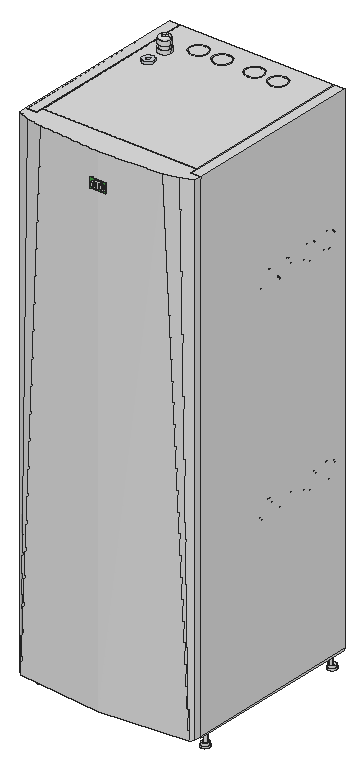
Revit family "HVAC_HeatPumpBW_Enertech_CTC-EcoPart-400_Basic", category Specialty Equipment, Revit 2020 (continued)
Lines and regions (mm)
  symbolic lines, detail levels fine
    curve 180: arc (0, 266.984, 1358.466) -> (0, 286.125, 1350.141) -> (0, 294.45, 1331) r 28.484
    curve 181: arc (0, 264.984, 1360.467) -> (0, 244.428, 1351.555) -> (0, 235.516, 1331) r 30.484
    curve 182: arc (0, 237.518, 1331) -> (0, 245.843, 1350.141) -> (0, 264.984, 1358.466) r 28.484
    curve 183: arc (0, 264.984, 1301.534) -> (0, 245.843, 1309.859) -> (0, 237.518, 1329) r 28.484
    curve 184: arc (0, 235.516, 1329) -> (0, 244.428, 1308.445) -> (0, 264.984, 1299.533) r 30.484
    curve 185: arc (0, 294.45, 1329) -> (0, 286.125, 1309.859) -> (0, 266.984, 1301.534) r 28.484
    curve 186: arc (0, 266.984, 1299.533) -> (0, 287.539, 1308.445) -> (0, 296.451, 1329) r 30.484
    curve 187: line (0, 237.518, 1329) -> (0, 235.516, 1329)
    curve 188: line (0, 235.516, 1331) -> (0, 237.518, 1331)
    curve 189: line (0, 266.984, 1301.534) -> (0, 266.984, 1299.533)
    curve 190: line (0, 264.984, 1299.533) -> (0, 264.984, 1301.534)
    curve 191: line (0, 296.451, 1329) -> (0, 294.45, 1329)
    curve 192: line (0, 294.45, 1331) -> (0, 296.451, 1331)
    curve 193: line (0, 266.984, 1360.467) -> (0, 266.984, 1358.466)
    curve 194: line (0, 264.984, 1358.466) -> (0, 264.984, 1360.467)
    curve 195: arc (0, 216.451, 1331) -> (0, 207.539, 1351.555) -> (0, 186.984, 1360.467) r 30.484
    curve 196: arc (0, 186.984, 1358.466) -> (0, 206.125, 1350.141) -> (0, 214.45, 1331) r 28.484
    curve 197: arc (0, 184.984, 1360.467) -> (0, 164.428, 1351.555) -> (0, 155.516, 1331) r 30.484
    curve 198: arc (0, 157.518, 1331) -> (0, 165.843, 1350.141) -> (0, 184.984, 1358.466) r 28.484
    curve 199: arc (0, 184.984, 1301.534) -> (0, 165.843, 1309.859) -> (0, 157.518, 1329) r 28.484
    curve 200: arc (0, 155.516, 1329) -> (0, 164.428, 1308.445) -> (0, 184.984, 1299.533) r 30.484
    curve 201: arc (0, 214.45, 1329) -> (0, 206.125, 1309.859) -> (0, 186.984, 1301.534) r 28.484
    curve 202: arc (0, 186.984, 1299.533) -> (0, 207.539, 1308.445) -> (0, 216.451, 1329) r 30.484
    curve 203: line (0, 157.518, 1329) -> (0, 155.516, 1329)
    curve 204: line (0, 155.516, 1331) -> (0, 157.518, 1331)
    curve 205: line (0, 186.984, 1301.534) -> (0, 186.984, 1299.533)
    curve 206: line (0, 184.984, 1299.533) -> (0, 184.984, 1301.534)
    curve 207: line (0, 216.451, 1329) -> (0, 214.45, 1329)
    curve 208: line (0, 214.45, 1331) -> (0, 216.451, 1331)
    curve 209: line (0, 186.984, 1360.467) -> (0, 186.984, 1358.466)
    curve 210: line (0, 184.984, 1358.466) -> (0, 184.984, 1360.467)
    curve 211: arc (0, 106.467, 1331) -> (0, 97.555, 1351.555) -> (0, 77, 1360.467) r 30.484
    curve 212: arc (0, 77, 1358.466) -> (0, 96.141, 1350.141) -> (0, 104.466, 1331) r 28.484
    curve 213: arc (0, 75, 1360.467) -> (0, 54.445, 1351.555) -> (0, 45.533, 1331) r 30.484
    curve 214: arc (0, 47.534, 1331) -> (0, 55.859, 1350.141) -> (0, 75, 1358.466) r 28.484
    curve 215: arc (0, 75, 1301.534) -> (0, 55.859, 1309.859) -> (0, 47.534, 1329) r 28.484
    curve 216: arc (0, 45.533, 1329) -> (0, 54.445, 1308.445) -> (0, 75, 1299.533) r 30.484
    curve 217: arc (0, 104.466, 1329) -> (0, 96.141, 1309.859) -> (0, 77, 1301.534) r 28.484
    curve 218: arc (0, 77, 1299.533) -> (0, 97.555, 1308.445) -> (0, 106.467, 1329) r 30.484
    curve 219: line (0, 47.534, 1329) -> (0, 45.533, 1329)
    curve 220: line (0, 45.533, 1331) -> (0, 47.534, 1331)
    curve 221: line (0, 77, 1301.534) -> (0, 77, 1299.533)
    curve 222: line (0, 75, 1299.533) -> (0, 75, 1301.534)
    curve 223: line (0, 106.467, 1329) -> (0, 104.466, 1329)
    curve 224: line (0, 104.466, 1331) -> (0, 106.467, 1331)
    curve 225: line (0, 77, 1360.467) -> (0, 77, 1358.466)
    curve 226: line (0, 75, 1358.466) -> (0, 75, 1360.467)
    curve 227: arc (0, 26.467, 1331) -> (0, 17.555, 1351.555) -> (0, -3, 1360.467) r 30.484
    curve 228: arc (0, -3, 1358.466) -> (0, 16.141, 1350.141) -> (0, 24.466, 1331) r 28.484
    curve 229: arc (0, -5, 1360.467) -> (0, -25.555, 1351.555) -> (0, -34.467, 1331) r 30.484
    curve 230: arc (0, -32.466, 1331) -> (0, -24.141, 1350.141) -> (0, -5, 1358.466) r 28.484
    curve 231: arc (0, -5, 1301.534) -> (0, -24.141, 1309.859) -> (0, -32.466, 1329) r 28.484
    curve 232: arc (0, -34.467, 1329) -> (0, -25.555, 1308.445) -> (0, -5, 1299.533) r 30.484
    curve 233: arc (0, 24.466, 1329) -> (0, 16.141, 1309.859) -> (0, -3, 1301.534) r 28.484
    curve 234: arc (0, -3, 1299.533) -> (0, 17.555, 1308.445) -> (0, 26.467, 1329) r 30.484
    curve 235: line (0, -32.466, 1329) -> (0, -34.467, 1329)
    curve 236: line (0, -34.467, 1331) -> (0, -32.466, 1331)
    curve 237: line (0, -3, 1301.534) -> (0, -3, 1299.533)
    curve 238: line (0, -5, 1299.533) -> (0, -5, 1301.534)
    curve 239: line (0, 26.467, 1329) -> (0, 24.466, 1329)
    curve 240: line (0, 24.466, 1331) -> (0, 26.467, 1331)
    curve 241: line (0, -3, 1360.467) -> (0, -3, 1358.466)
    curve 242: line (0, -5, 1358.466) -> (0, -5, 1360.467)
    curve 243: arc (0, 26.467, 631) -> (0, 17.555, 651.555) -> (0, -3, 660.467) r 30.484
    curve 244: arc (0, -3, 658.466) -> (0, 16.141, 650.141) -> (0, 24.466, 631) r 28.484
    curve 245: arc (0, -5, 660.467) -> (0, -25.555, 651.555) -> (0, -34.467, 631) r 30.484
    curve 246: arc (0, -32.466, 631) -> (0, -24.141, 650.141) -> (0, -5, 658.466) r 28.484
    curve 247: arc (0, -5, 601.534) -> (0, -24.141, 609.859) -> (0, -32.466, 629) r 28.484
    curve 248: arc (0, -34.467, 629) -> (0, -25.555, 608.445) -> (0, -5, 599.533) r 30.484
    curve 249: arc (0, 24.466, 629) -> (0, 16.141, 609.859) -> (0, -3, 601.534) r 28.484
    curve 250: arc (0, -3, 599.533) -> (0, 17.555, 608.445) -> (0, 26.467, 629) r 30.484
    curve 251: line (0, -32.466, 629) -> (0, -34.467, 629)
    curve 252: line (0, -34.467, 631) -> (0, -32.466, 631)
    curve 253: line (0, -3, 601.534) -> (0, -3, 599.533)
    curve 254: line (0, -5, 599.533) -> (0, -5, 601.534)
    curve 255: line (0, 26.467, 629) -> (0, 24.466, 629)
    curve 256: line (0, 24.466, 631) -> (0, 26.467, 631)
    curve 257: line (0, -3, 660.467) -> (0, -3, 658.466)
    curve 258: line (0, -5, 658.466) -> (0, -5, 660.467)
    curve 259: arc (0, 106.467, 631) -> (0, 97.555, 651.555) -> (0, 77, 660.467) r 30.484
    curve 260: arc (0, 77, 658.466) -> (0, 96.141, 650.141) -> (0, 104.466, 631) r 28.484
    curve 261: arc (0, 75, 660.467) -> (0, 54.445, 651.555) -> (0, 45.533, 631) r 30.484
    curve 262: arc (0, 47.534, 631) -> (0, 55.859, 650.141) -> (0, 75, 658.466) r 28.484
    curve 263: arc (0, 75, 601.534) -> (0, 55.859, 609.859) -> (0, 47.534, 629) r 28.484
    curve 264: arc (0, 45.533, 629) -> (0, 54.445, 608.445) -> (0, 75, 599.533) r 30.484
    curve 265: arc (0, 104.466, 629) -> (0, 96.141, 609.859) -> (0, 77, 601.534) r 28.484
    curve 266: arc (0, 77, 599.533) -> (0, 97.555, 608.445) -> (0, 106.467, 629) r 30.484
    curve 267: line (0, 47.534, 629) -> (0, 45.533, 629)
    curve 268: line (0, 45.533, 631) -> (0, 47.534, 631)
    curve 269: line (0, 77, 601.534) -> (0, 77, 599.533)
    curve 270: line (0, 75, 599.533) -> (0, 75, 601.534)
    curve 271: line (0, 106.467, 629) -> (0, 104.466, 629)
    curve 272: line (0, 104.466, 631) -> (0, 106.467, 631)
    curve 273: line (0, 77, 660.467) -> (0, 77, 658.466)
    curve 274: line (0, 75, 658.466) -> (0, 75, 660.467)
    curve 275: arc (0, 216.451, 631) -> (0, 207.539, 651.555) -> (0, 186.984, 660.467) r 30.484
    curve 276: arc (0, 186.984, 658.466) -> (0, 206.125, 650.141) -> (0, 214.45, 631) r 28.484
    curve 277: arc (0, 184.984, 660.467) -> (0, 164.428, 651.555) -> (0, 155.516, 631) r 30.484
    curve 278: arc (0, 157.518, 631) -> (0, 165.843, 650.141) -> (0, 184.984, 658.466) r 28.484
    curve 279: arc (0, 184.984, 601.534) -> (0, 165.843, 609.859) -> (0, 157.518, 629) r 28.484
    curve 280: arc (0, 155.516, 629) -> (0, 164.428, 608.445) -> (0, 184.984, 599.533) r 30.484
    curve 281: arc (0, 214.45, 629) -> (0, 206.125, 609.859) -> (0, 186.984, 601.534) r 28.484
    curve 282: arc (0, 186.984, 599.533) -> (0, 207.539, 608.445) -> (0, 216.451, 629) r 30.484
    curve 283: line (0, 157.518, 629) -> (0, 155.516, 629)
    curve 284: line (0, 155.516, 631) -> (0, 157.518, 631)
    curve 285: line (0, 186.984, 601.534) -> (0, 186.984, 599.533)
    curve 286: line (0, 184.984, 599.533) -> (0, 184.984, 601.534)
    curve 287: line (0, 216.451, 629) -> (0, 214.45, 629)
    curve 288: line (0, 214.45, 631) -> (0, 216.451, 631)
    curve 289: line (0, 186.984, 660.467) -> (0, 186.984, 658.466)
    curve 290: line (0, 184.984, 658.466) -> (0, 184.984, 660.467)
    curve 291: arc (0, 296.451, 631) -> (0, 287.539, 651.555) -> (0, 266.984, 660.467) r 30.484
    curve 292: arc (0, 266.984, 658.466) -> (0, 286.125, 650.141) -> (0, 294.45, 631) r 28.484
    curve 293: arc (0, 264.984, 660.467) -> (0, 244.428, 651.555) -> (0, 235.516, 631) r 30.484
    curve 294: arc (0, 237.518, 631) -> (0, 245.843, 650.141) -> (0, 264.984, 658.466) r 28.484
    curve 295: arc (0, 264.984, 601.534) -> (0, 245.843, 609.859) -> (0, 237.518, 629) r 28.484
    curve 296: arc (0, 235.516, 629) -> (0, 244.428, 608.445) -> (0, 264.984, 599.533) r 30.484
    curve 297: arc (0, 294.45, 629) -> (0, 286.125, 609.859) -> (0, 266.984, 601.534) r 28.484
    curve 298: arc (0, 266.984, 599.533) -> (0, 287.539, 608.445) -> (0, 296.451, 629) r 30.484
    curve 299: line (0, 237.518, 629) -> (0, 235.516, 629)
    curve 300: line (0, 235.516, 631) -> (0, 237.518, 631)
    curve 301: line (0, 266.984, 601.534) -> (0, 266.984, 599.533)
    curve 302: line (0, 264.984, 599.533) -> (0, 264.984, 601.534)
    curve 303: line (0, 296.451, 629) -> (0, 294.45, 629)
    curve 304: line (0, 294.45, 631) -> (0, 296.451, 631)
    curve 305: line (0, 266.984, 660.467) -> (0, 266.984, 658.466)
    curve 306: line (0, 264.984, 658.466) -> (0, 264.984, 660.467)
    curve 307: line (0, 316.77, 4) -> (0, 292.02, 4)
    curve 308: line (0, 309.395, 12) -> (0, 299.395, 12)
    curve 309: line (0, 332.5, 52.518) -> (0, -269.014, 52.518)
    curve 310: line (0, -269.014, 47.518) -> (0, 332.5, 47.518)
    curve 311: line (0, 309.395, 28) -> (0, 309.395, 47.518)
    curve 312: line (0, 299.395, 28) -> (0, 299.395, 47.518)
    curve 313: line (0, -233.639, 28) -> (0, -233.639, 47.518)
    curve 314: line (0, -223.605, 28) -> (0, -223.605, 47.518)
    curve 315: line (0, -116.757, 26.828) -> (0, -125.344, 18.242)
    curve 316: arc (0, -125.344, 18.242) -> (0, -126.758, 17.656) -> (0, -128.172, 18.242) r 2
    curve 317: arc (0, -113.929, 28) -> (0, -115.46, 27.696) -> (0, -116.757, 26.828) r 4
    curve 318: line (0, -128.172, 18.242) -> (0, -136.339, 26.409)
    curve 319: line (0, -137.753, 24.995) -> (0, -129.586, 16.828)
    curve 320: arc (0, -129.586, 16.828) -> (0, -126.758, 15.656) -> (0, -123.929, 16.828) r 4
    curve 321: line (0, -123.929, 16.828) -> (0, -115.343, 25.414)
    curve 322: line (0, -136.339, 26.409) -> (0, -137.753, 24.995)
    curve 323: arc (0, -115.343, 25.414) -> (0, -114.694, 25.848) -> (0, -113.929, 26) r 2
    curve 324: line (0, -113.929, 26) -> (0, -95.586, 26)
    curve 325: arc (0, -92.757, 26.828) -> (0, -94.055, 27.696) -> (0, -95.586, 28) r 4
    curve 326: arc (0, -95.586, 26) -> (0, -94.82, 25.848) -> (0, -94.171, 25.414) r 2
    curve 327: line (0, -84.171, 18.242) -> (0, -92.757, 26.828)
    curve 328: line (0, -94.171, 25.414) -> (0, -85.585, 16.828)
    curve 329: arc (0, -85.585, 16.828) -> (0, -82.756, 15.656) -> (0, -79.928, 16.828) r 4
    curve 330: arc (0, -81.342, 18.242) -> (0, -82.756, 17.656) -> (0, -84.171, 18.242) r 2
    curve 331: line (0, -73.175, 26.409) -> (0, -81.342, 18.242)
    curve 332: line (0, -79.928, 16.828) -> (0, -71.761, 24.995)
    curve 333: line (0, -71.761, 24.995) -> (0, -73.175, 26.409)
    curve 334: line (0, 159.743, 26.828) -> (0, 151.156, 18.242)
    curve 335: arc (0, 151.156, 18.242) -> (0, 149.742, 17.656) -> (0, 148.328, 18.242) r 2
    curve 336: arc (0, 162.571, 28) -> (0, 161.04, 27.696) -> (0, 159.743, 26.828) r 4
    curve 337: line (0, 148.328, 18.242) -> (0, 140.161, 26.409)
    curve 338: line (0, 138.747, 24.995) -> (0, 146.914, 16.828)
    curve 339: arc (0, 146.914, 16.828) -> (0, 149.742, 15.656) -> (0, 152.571, 16.828) r 4
    curve 340: line (0, 152.571, 16.828) -> (0, 161.157, 25.414)
    curve 341: line (0, 140.161, 26.409) -> (0, 138.747, 24.995)
    curve 342: arc (0, 161.157, 25.414) -> (0, 161.806, 25.848) -> (0, 162.571, 26) r 2
    curve 343: line (0, 162.571, 26) -> (0, 180.914, 26)
    curve 344: arc (0, 183.743, 26.828) -> (0, 182.445, 27.696) -> (0, 180.914, 28) r 4
    curve 345: arc (0, 180.914, 26) -> (0, 181.68, 25.848) -> (0, 182.329, 25.414) r 2
    curve 346: line (0, 192.329, 18.242) -> (0, 183.743, 26.828)
    curve 347: line (0, 182.329, 25.414) -> (0, 190.915, 16.828)
    curve 348: arc (0, 190.915, 16.828) -> (0, 193.744, 15.656) -> (0, 196.572, 16.828) r 4
    curve 349: arc (0, 195.158, 18.242) -> (0, 193.744, 17.656) -> (0, 192.329, 18.242) r 2
    curve 350: line (0, 203.325, 26.409) -> (0, 195.158, 18.242)
    curve 351: line (0, 196.572, 16.828) -> (0, 204.739, 24.995)
    curve 352: line (0, 204.739, 24.995) -> (0, 203.325, 26.409)
    curve 353: line (0, -273.014, 52.518) -> (0, -273.014, 1760)
    curve 354: line (0, -297.936, 1760) -> (0, -297.936, 52.518)
    curve 355: line (0, -312.015, 52.5) -> (0, -313.834, 1760)
    curve 356: line (0, -323.074, 1760) -> (0, -312.015, 52.5)
    curve 357: line (0, -233.639, 12) -> (0, -223.605, 12)
    curve 358: line (0, -216.264, 4) -> (0, -241.014, 4)
    curve 411: line (-222.893, 0, 1800.305) -> (-187.324, 0, 1800.305)
    curve 412: line (-184.992, 0, 1798.959) -> (-225.225, 0, 1798.959)
    curve 413: line (-221.129, 0, 1785.2) -> (-189.088, 0, 1785.2)
    curve 414: line (-221.129, 0, 1771) -> (-189.088, 0, 1771)
    curve 415: line (-227.108, 0, 1760) -> (-183.108, 0, 1760)
    curve 416: line (-185.86, 0, 1760) -> (-185.86, 0, 1766)
    curve 417: line (-185.86, 0, 1766) -> (-224.357, 0, 1766)
    curve 418: line (-224.357, 0, 1766) -> (-224.357, 0, 1760)
    curve 419: line (-298, 0, 52.5) -> (298, 0, 52.5)
    curve 420: line (284.5, 0, 47.518) -> (274.5, 0, 47.518)
    curve 421: line (274.5, 0, 12) -> (284.5, 0, 12)
    curve 422: line (267.125, 0, 4) -> (291.875, 0, 4)
    curve 423: line (255.5, 0, 28) -> (-255.5, 0, 28)
    curve 424: line (-255.5, 0, 26.409) -> (255.5, 0, 26.409)
    curve 425: line (255.5, 0, 24.995) -> (-255.5, 0, 24.995)
    curve 426: line (-267.125, 0, 4) -> (-291.875, 0, 4)
    curve 427: line (-284.5, 0, 12) -> (-274.5, 0, 12)
    curve 428: line (-274.5, 0, 47.518) -> (-284.5, 0, 47.518)
    curve 429: line (-208, 0, 1760) -> (-285.5, 0, 52.5)
    curve 430: line (285.5, 0, 52.5) -> (208, 0, 1760)
    curve 431: line (285.5, 0, 52.5) -> (258, 0, 1760)
    curve 432: line (25.5, 0, 1674.675) -> (-25.5, 0, 1674.675)
    curve 433: arc (-25.5, 0, 1674.675) -> (-26.914, 0, 1674.089) -> (-27.5, 0, 1672.675) r 2
    curve 434: line (-27.5, 0, 1672.675) -> (-27.5, 0, 1643.675)
    curve 435: arc (-27.5, 0, 1643.675) -> (-26.914, 0, 1642.261) -> (-25.5, 0, 1641.675) r 2
    curve 436: line (-25.5, 0, 1641.675) -> (25.5, 0, 1641.675)
    curve 437: arc (25.5, 0, 1641.675) -> (26.914, 0, 1642.261) -> (27.5, 0, 1643.675) r 2
    curve 438: line (27.5, 0, 1643.675) -> (27.5, 0, 1672.675)
    curve 439: arc (27.5, 0, 1672.675) -> (26.914, 0, 1674.089) -> (25.5, 0, 1674.675) r 2
    curve 440: spline (24.54, 0, 1657.655) -> (22.341, 0, 1661.729) -> (18.495, 0, 1664.309) -> (13.888, 0, 1664.801) -> (9.584, 0, 1663.092) -> (6.572, 0, 1659.574) -> (5.548, 0, 1655.059) -> (6.747, 0, 1650.587) -> (9.893, 0, 1647.189) -> (14.261, 0, 1645.647) -> (18.844, 0, 1646.318) -> (22.587, 0, 1649.046) -> (24.627, 0, 1653.202)
    curve 441: spline (18.433, 0, 1653.202) -> (17.635, 0, 1651.072) -> (16.341, 0, 1649.726) -> (14.815, 0, 1649.436) -> (13.364, 0, 1650.263) -> (12.285, 0, 1652.037) -> (11.795, 0, 1654.399) -> (11.994, 0, 1656.871) -> (12.842, 0, 1658.95) -> (14.166, 0, 1660.215) -> (15.698, 0, 1660.41) -> (17.128, 0, 1659.494) -> (18.165, 0, 1657.655)
    curve 442: line (18.165, 0, 1657.655) -> (24.54, 0, 1657.655)
    curve 443: line (24.627, 0, 1653.202) -> (18.433, 0, 1653.202)
    curve 444: line (11.698, 0, 1670.834) -> (-11.698, 0, 1670.834)
    curve 445: line (3.815, 0, 1665.508) -> (11.698, 0, 1665.514)
    curve 446: line (-11.698, 0, 1665.493) -> (-3.818, 0, 1665.502)
    curve 447: line (-11.698, 0, 1670.834) -> (-11.698, 0, 1665.493)
    curve 448: line (11.698, 0, 1665.514) -> (11.698, 0, 1670.834)
    curve 449: line (-3.818, 0, 1665.502) -> (-3.81, 0, 1645.555)
    curve 450: line (3.815, 0, 1645.555) -> (3.815, 0, 1665.508)
    curve 451: line (-3.81, 0, 1645.555) -> (3.815, 0, 1645.555)
    curve 452: spline (-5.46, 0, 1657.655) -> (-7.659, 0, 1661.729) -> (-11.505, 0, 1664.309) -> (-16.112, 0, 1664.801) -> (-20.416, 0, 1663.092) -> (-23.428, 0, 1659.574) -> (-24.452, 0, 1655.059) -> (-23.253, 0, 1650.587) -> (-20.107, 0, 1647.189) -> (-15.739, 0, 1645.647) -> (-11.156, 0, 1646.318) -> (-7.413, 0, 1649.046) -> (-5.373, 0, 1653.202)
    curve 453: spline (-11.567, 0, 1653.202) -> (-12.365, 0, 1651.072) -> (-13.659, 0, 1649.726) -> (-15.185, 0, 1649.436) -> (-16.636, 0, 1650.263) -> (-17.715, 0, 1652.037) -> (-18.205, 0, 1654.399) -> (-18.006, 0, 1656.871) -> (-17.158, 0, 1658.95) -> (-15.834, 0, 1660.215) -> (-14.302, 0, 1660.41) -> (-12.872, 0, 1659.494) -> (-11.835, 0, 1657.655)
    curve 454: line (-5.373, 0, 1653.202) -> (-11.567, 0, 1653.202)
    curve 455: line (-11.835, 0, 1657.655) -> (-5.46, 0, 1657.655)
    curve 462: line (-285.5, 0, 52.5) -> (-258, 0, 1760)
  symbolic lines, detail levels coarse
    curve 102: line (-298, 336.5, 0) -> (-298, -336.5, 0)
    curve 103: line (-298, -336.5, 0) -> (298, -336.5, 0)
    curve 104: line (298, -336.5, 0) -> (298, 336.5, 0)
    curve 123: line (0, 222.616, 1807) -> (0, 178.616, 1807)
    curve 124: line (0, 178.616, 1807) -> (0, 178.616, 1760)
    curve 125: line (0, 222.616, 1760) -> (0, 222.616, 1807)
    curve 126: line (0, -336.5, 1760) -> (0, -336.5, 0)
    curve 127: line (0, -336.5, 0) -> (0, 336.5, 0)
    curve 128: line (0, 336.5, 0) -> (0, 336.5, 1560.571)
    curve 456: line (-227.108, 0, 1760) -> (-227.108, 0, 1807)
    curve 457: line (-183.108, 0, 1760) -> (-183.108, 0, 1807)
    curve 458: line (-227.108, 0, 1807) -> (-183.108, 0, 1807)
    curve 459: line (-298, 0, 1760) -> (-298, 0, 0)
    curve 460: line (-298, 0, 0) -> (298, 0, 0)
    curve 461: line (298, 0, 0) -> (298, 0, 1760)
Dimensions and locks
  equal spacing: plane 4, plane 3 "Center (Left/Right)", plane 5
  "NominalWidth": plane 4 to plane 5
  equal spacing: plane 6, plane 1 "Center (Front/Back)", plane 7
  "NominalDepth": plane 6 to plane 7
  "NominalHeight": plane 8 to level
  aligned and locked: level to plane 2
Automatic sketch dimensions
  curve 24 to curve 25 = 0 mm  (x2)
  curve 24 to curve 26 = 0 mm  (x2)
  curve 24 to curve 27 = 0 mm  (x2)
  curve 25 to curve 26 = 0 mm  (x2)
  curve 25 to curve 27 = 0 mm  (x2)
  curve 26 to curve 27 = 0 mm  (x2)
  curve 28 to curve 29 = 0 mm  (x2)
  curve 28 to curve 30 = 0 mm  (x2)
  curve 28 to curve 31 = 0 mm  (x2)
  curve 28 to curve 32 = 0 mm  (x2)
  curve 28 to curve 33 = 0 mm  (x2)
  curve 28 to curve 34 = 0 mm  (x2)
  curve 28 to curve 35 = 0 mm  (x2)
  curve 28 to curve 36 = 0 mm  (x2)
  curve 28 to curve 37 = 0 mm  (x2)
  curve 29 to curve 30 = 0 mm  (x2)
  curve 29 to curve 31 = 0 mm  (x2)
  curve 29 to curve 32 = 0 mm  (x2)
  curve 29 to curve 33 = 0 mm  (x2)
  curve 29 to curve 34 = 0 mm  (x2)
  curve 29 to curve 35 = 0 mm  (x2)
  curve 29 to curve 36 = 0 mm  (x2)
  curve 29 to curve 37 = 0 mm  (x2)
  curve 30 to curve 31 = 0 mm  (x2)
  curve 30 to curve 32 = 0 mm  (x2)
  curve 30 to curve 33 = 0 mm  (x2)
  curve 30 to curve 34 = 0 mm  (x2)
  curve 30 to curve 35 = 0 mm  (x2)
  curve 30 to curve 36 = 0 mm  (x2)
  curve 30 to curve 37 = 0 mm  (x2)
  curve 31 to curve 32 = 0 mm  (x2)
  curve 31 to curve 33 = 0 mm  (x2)
  curve 31 to curve 34 = 0 mm  (x2)
  curve 31 to curve 35 = 0 mm  (x2)
  curve 31 to curve 36 = 0 mm  (x2)
  curve 31 to curve 37 = 0 mm  (x2)
  curve 32 to curve 33 = 0 mm  (x2)
  curve 32 to curve 34 = 0 mm  (x2)
  curve 32 to curve 35 = 0 mm  (x2)
  curve 32 to curve 36 = 0 mm  (x2)
  curve 32 to curve 37 = 0 mm  (x2)
  curve 33 to curve 34 = 0 mm  (x2)
  curve 33 to curve 35 = 0 mm  (x2)
  curve 33 to curve 36 = 0 mm  (x2)
  curve 33 to curve 37 = 0 mm  (x2)
  curve 34 to curve 35 = 0 mm  (x2)
  curve 34 to curve 36 = 0 mm  (x2)
  curve 34 to curve 37 = 0 mm  (x2)
  curve 35 to curve 36 = 0 mm  (x2)
  curve 35 to curve 37 = 0 mm  (x2)
  curve 36 to curve 37 = 0 mm  (x2)
  curve 38 to curve 39 = 0 mm  (x2)
  curve 38 to curve 40 = 0 mm  (x2)
  curve 38 to curve 41 = 0 mm  (x2)
  curve 38 to curve 42 = 0 mm  (x2)
  curve 38 to curve 43 = 0 mm  (x2)
  curve 38 to curve 44 = 0 mm  (x2)
  curve 38 to curve 45 = 0 mm  (x2)
  curve 39 to curve 40 = 0 mm  (x2)
  curve 39 to curve 41 = 0 mm  (x2)
  curve 39 to curve 42 = 0 mm  (x2)
  curve 39 to curve 43 = 0 mm  (x2)
  curve 39 to curve 44 = 0 mm  (x2)
  curve 39 to curve 45 = 0 mm  (x2)
  curve 40 to curve 41 = 0 mm  (x2)
  curve 40 to curve 42 = 0 mm  (x2)
  curve 40 to curve 43 = 0 mm  (x2)
  curve 40 to curve 44 = 0 mm  (x2)
  curve 40 to curve 45 = 0 mm  (x2)
  curve 41 to curve 42 = 0 mm  (x2)
  curve 41 to curve 43 = 0 mm  (x2)
  curve 41 to curve 44 = 0 mm  (x2)
  curve 41 to curve 45 = 0 mm  (x2)
  curve 42 to curve 43 = 0 mm  (x2)
  curve 42 to curve 44 = 0 mm  (x2)
  curve 42 to curve 45 = 0 mm  (x2)
  curve 43 to curve 44 = 0 mm  (x2)
  curve 43 to curve 45 = 0 mm  (x2)
  curve 44 to curve 45 = 0 mm  (x2)
  curve 54 to curve 55 = 0 mm  (x2)
  curve 54 to curve 56 = 0 mm  (x2)
  curve 54 to curve 57 = 0 mm  (x2)
  curve 54 to curve 58 = 0 mm  (x2)
  curve 54 to curve 59 = 0 mm  (x2)
  curve 54 to curve 60 = 0 mm  (x2)
  curve 54 to curve 61 = 0 mm  (x2)
  curve 55 to curve 56 = 0 mm  (x2)
  curve 55 to curve 57 = 0 mm  (x2)
  curve 55 to curve 58 = 0 mm  (x2)
  curve 55 to curve 59 = 0 mm  (x2)
  curve 55 to curve 60 = 0 mm  (x2)
  curve 55 to curve 61 = 0 mm  (x2)
  curve 56 to curve 57 = 0 mm  (x2)
  curve 56 to curve 58 = 0 mm  (x2)
  curve 56 to curve 59 = 0 mm  (x2)
  curve 56 to curve 60 = 0 mm  (x2)
  curve 56 to curve 61 = 0 mm  (x2)
  curve 57 to curve 58 = 0 mm  (x2)
  curve 57 to curve 59 = 0 mm  (x2)
  curve 57 to curve 60 = 0 mm  (x2)
  curve 57 to curve 61 = 0 mm  (x2)
  curve 58 to curve 59 = 0 mm  (x2)
  curve 58 to curve 60 = 0 mm  (x2)
  curve 58 to curve 61 = 0 mm  (x2)
  curve 59 to curve 60 = 0 mm  (x2)
  curve 59 to curve 61 = 0 mm  (x2)
  curve 60 to curve 61 = 0 mm  (x2)
  curve 70 to curve 71 = 0 mm  (x2)
  curve 70 to curve 72 = 0 mm  (x2)
  curve 70 to curve 73 = 0 mm  (x2)
  curve 70 to curve 74 = 0 mm  (x2)
  curve 70 to curve 75 = 0 mm  (x2)
  curve 70 to curve 76 = 0 mm  (x2)
  curve 70 to curve 77 = 0 mm  (x2)
  curve 71 to curve 72 = 0 mm  (x2)
  curve 71 to curve 73 = 0 mm  (x2)
  curve 71 to curve 74 = 0 mm  (x2)
  curve 71 to curve 75 = 0 mm  (x2)
  curve 71 to curve 76 = 0 mm  (x2)
  curve 71 to curve 77 = 0 mm  (x2)
  curve 72 to curve 73 = 0 mm  (x2)
  curve 72 to curve 74 = 0 mm  (x2)
  curve 72 to curve 75 = 0 mm  (x2)
  curve 72 to curve 76 = 0 mm  (x2)
  curve 72 to curve 77 = 0 mm  (x2)
  curve 73 to curve 74 = 0 mm  (x2)
  curve 73 to curve 75 = 0 mm  (x2)
  curve 73 to curve 76 = 0 mm  (x2)
  curve 73 to curve 77 = 0 mm  (x2)
  curve 74 to curve 75 = 0 mm  (x2)
  curve 74 to curve 76 = 0 mm  (x2)
  curve 74 to curve 77 = 0 mm  (x2)
  curve 75 to curve 76 = 0 mm  (x2)
  curve 75 to curve 77 = 0 mm  (x2)
  curve 76 to curve 77 = 0 mm  (x2)
  curve 86 to curve 87 = 0 mm  (x2)
  curve 86 to curve 88 = 0 mm  (x2)
  curve 86 to curve 89 = 0 mm  (x2)
  curve 86 to curve 90 = 0 mm  (x2)
  curve 86 to curve 91 = 0 mm  (x2)
  curve 86 to curve 92 = 0 mm  (x2)
  curve 86 to curve 93 = 0 mm  (x2)
  curve 87 to curve 88 = 0 mm  (x2)
  curve 87 to curve 89 = 0 mm  (x2)
  curve 87 to curve 90 = 0 mm  (x2)
  curve 87 to curve 91 = 0 mm  (x2)
  curve 87 to curve 92 = 0 mm  (x2)
  curve 87 to curve 93 = 0 mm  (x2)
  curve 88 to curve 89 = 0 mm  (x2)
  curve 88 to curve 90 = 0 mm  (x2)
  curve 88 to curve 91 = 0 mm  (x2)
  curve 88 to curve 92 = 0 mm  (x2)
  curve 88 to curve 93 = 0 mm  (x2)
  curve 89 to curve 90 = 0 mm  (x2)
  curve 89 to curve 91 = 0 mm  (x2)
  curve 89 to curve 92 = 0 mm  (x2)
  curve 89 to curve 93 = 0 mm  (x2)
  curve 90 to curve 91 = 0 mm  (x2)
  curve 90 to curve 92 = 0 mm  (x2)
  curve 90 to curve 93 = 0 mm  (x2)
  curve 91 to curve 92 = 0 mm  (x2)
  curve 91 to curve 93 = 0 mm  (x2)
  curve 92 to curve 93 = 0 mm  (x2)
  curve 103 to plane 4 = 0 mm
  curve 20 to plane 6 = 0 mm
  curve 13 to plane 3 "Center (Left/Right)" = 0 mm
  curve 16 to plane 5 = 0 mm
  curve 103 to plane 7 = 0 mm
  plane 4 to curve 19 = 35 mm
  plane 4 to curve 11 = 40 mm
  curve 20 to curve 8 = 24.493 mm
  curve 8 to curve 6 = 28 mm
  plane 7 to curve 12 = 13.426 mm
  curve 11 to curve 12 = 50 mm
  plane 4 to curve 28 = 92.892 mm
  curve 27 to curve 28 = 0 mm
  curve 28 to curve 49 = 39.649 mm
  curve 48 to curve 49 = 0 mm  (x2)
  curve 49 to curve 49 = 2.001 mm
  curve 48 to curve 46 = 27.466 mm
  curve 38 to curve 52 = 27.466 mm
  curve 49 to curve 43 = 28.466 mm
  curve 38 to curve 53 = 2 mm
  curve 46 to curve 47 = 2 mm
  curve 38 to curve 50 = 28.466 mm
  curve 51 to curve 42 = 0 mm
  curve 42 to curve 50 = 2.001 mm
  curve 51 to curve 43 = 0 mm
  curve 43 to curve 64 = 19.066 mm
  curve 65 to curve 61 = 0 mm
  curve 55 to curve 65 = 2.001 mm
  curve 64 to curve 65 = 0 mm
  curve 64 to curve 62 = 27.466 mm
  curve 54 to curve 68 = 27.466 mm
  curve 65 to curve 60 = 28.466 mm
  curve 68 to curve 69 = 2 mm
  curve 60 to curve 63 = 2 mm
  curve 66 to plane 3 "Center (Left/Right)" = 26.526 mm
  curve 67 to curve 58 = 0 mm
  curve 66 to curve 66 = 2.001 mm
  curve 67 to curve 66 = 0 mm
  plane 3 "Center (Left/Right)" to curve 81 = 24.525 mm
  curve 80 to curve 71 = 0 mm
  curve 81 to curve 81 = 2.001 mm
  curve 80 to curve 81 = 0 mm
  curve 80 to curve 78 = 27.466 mm
  curve 70 to curve 84 = 27.466 mm
  curve 81 to curve 77 = 28.466 mm
  curve 71 to curve 85 = 2 mm
  curve 77 to curve 79 = 2 mm
  curve 70 to curve 83 = 28.466 mm
  curve 82 to curve 72 = 0 mm
  curve 72 to curve 83 = 2.001 mm
  curve 82 to curve 73 = 0 mm
  curve 73 to curve 97 = 19.066 mm
  curve 96 to curve 87 = 0 mm
  curve 93 to curve 96 = 2.001 mm
  curve 97 to curve 96 = 0 mm
  curve 92 to curve 94 = 27.466 mm
  curve 86 to curve 100 = 27.466 mm
  curve 97 to curve 89 = 28.466 mm
  curve 87 to curve 101 = 2 mm
  curve 93 to curve 95 = 2 mm
  curve 86 to curve 99 = 28.466 mm
  curve 98 to curve 99 = 0 mm
  curve 88 to curve 99 = 2.001 mm
  curve 98 to curve 89 = 0 mm
  plane 7 to curve 14 = 13.426 mm
  curve 4 to plane 5 = 87.493 mm
  plane 6 to curve 2 = 1 mm
  curve 3 to curve 2 = 28 mm
  curve 15 to plane 5 = 40 mm
  curve 17 to plane 5 = 35 mm
  plane 7 to curve 14 = 22.666 mm
  plane 7 to curve 11 = 22.666 mm
  curve 103 to curve 15 = 38.564 mm
  plane 7 to curve 10 = 38.564 mm
  curve 11 to curve 20 = 40.82 mm
  curve 14 to curve 18 = 40.82 mm
  curve 25 to plane 1 "Center (Front/Back)" = 130.616 mm
  curve 24 to curve 33 = 70 mm
  curve 101 to plane 6 = 109.417 mm
  curve 69 to plane 6 = 109.417 mm
  curve 84 to curve 89 = 0 mm
  curve 28 to curve 53 = 29.966 mm
  curve 71 to curve 85 = 0 mm
  curve 100 to curve 89 = 0 mm
  curve 52 to curve 53 = 0 mm
  curve 68 to curve 69 = 0 mm
  curve 89 to curve 101 = 2.001 mm
  curve 39 to curve 52 = 2.001 mm
  curve 73 to curve 85 = 2.001 mm
  curve 68 to curve 68 = 2.001 mm
  curve 57 to curve 66 = 2 mm
  curve 89 to curve 98 = 2 mm
  curve 97 to curve 96 = 2 mm
  curve 65 to curve 64 = 2 mm
  curve 40 to curve 50 = 2 mm
  curve 49 to curve 48 = 2 mm
  curve 73 to curve 82 = 2 mm
  curve 81 to curve 80 = 2 mm
  plane 6 to curve 8 = 1 mm
  plane 6 to curve 13 = 937.934 mm
  curve 28 to curve 28 = 22 mm
  curve 28 to curve 29 = 1.883 mm
  curve 24 to curve 24 = 19.248 mm
  curve 29 to curve 30 = 2.332 mm
  curve 35 to curve 31 = 6.435 mm
  curve 26 to curve 24 = 7.026 mm
  curve 32 to curve 28 = 5.5 mm
  curve 17 to curve 21 = 26 mm
  curve 459 to level = 0 mm
  curve 459 to plane 4 = 0 mm
  curve 385 to level = 0 mm
  curve 462 to plane 8 = 0 mm
  curve 365 to level = 0 mm
  curve 408 to plane 5 = 0 mm
  plane 4 to curve 386 = 4.125 mm
  curve 385 to curve 426 = 2 mm
  plane 4 to curve 428 = 13.5 mm
  curve 389 to curve 379 = 10 mm
  curve 379 to curve 380 = 7.375 mm
  curve 381 to curve 384 = 2 mm
  curve 378 to curve 377 = 11.5 mm
  curve 376 to curve 375 = 7.5 mm
  plane 4 to curve 415 = 70.892 mm
  curve 456 to curve 398 = 1.883 mm
  curve 393 to curve 418 = 2.752 mm
  curve 397 to curve 398 = 2.332 mm
  curve 396 to curve 396 = 4.096 mm
  curve 398 to curve 399 = 6.695 mm
  curve 400 to curve 410 = 22.439 mm
  curve 410 to curve 413 = 4.671 mm
  plane 8 to curve 401 = 40.305 mm
  curve 410 to curve 401 = 6.435 mm
  curve 404 to curve 416 = 3.228 mm
  curve 403 to curve 402 = 4.096 mm
  curve 401 to curve 458 = 4.216 mm
  curve 434 to plane 3 "Center (Left/Right)" = 27.5 mm
  curve 433 to curve 432 = 2 mm
  curve 434 to curve 435 = 2 mm
  curve 455 to plane 3 "Center (Left/Right)" = 11.835 mm
  curve 453 to curve 447 = 0.137 mm
  curve 455 to curve 454 = 0.268 mm
  curve 455 to plane 3 "Center (Left/Right)" = 5.46 mm
  curve 452 to curve 454 = 0.087 mm
  curve 449 to plane 3 "Center (Left/Right)" = 3.818 mm
  curve 451 to plane 3 "Center (Left/Right)" = 3.81 mm
  plane 3 "Center (Left/Right)" to curve 450 = 3.815 mm
  curve 445 to curve 448 = 7.883 mm
  curve 445 to curve 442 = 6.467 mm
  curve 442 to curve 443 = 0.268 mm
  curve 442 to curve 442 = 6.375 mm
  curve 440 to curve 443 = 0.087 mm
  curve 443 to curve 436 = 0.873 mm
  curve 444 to curve 432 = 13.802 mm
  curve 437 to curve 438 = 2 mm
  curve 372 to plane 5 = 42.5 mm
  curve 372 to curve 371 = 7.5 mm
  level to curve 365 = 4 mm
  curve 373 to curve 365 = 9.625 mm
  curve 365 to curve 422 = 2 mm
  curve 370 to curve 369 = 11.5 mm
  curve 369 to curve 409 = 10 mm
  curve 361 to plane 5 = 6.125 mm
  curve 364 to plane 5 = 4.125 mm
  curve 383 to curve 383 = 4 mm
  curve 386 to curve 389 = 8 mm
  curve 361 to curve 361 = 8 mm
  curve 380 to curve 375 = 3.656 mm
  curve 374 to curve 376 = 12.344 mm
  curve 376 to curve 428 = 19.518 mm
  curve 371 to curve 371 = 19.518 mm
  curve 435 to curve 451 = 1.88 mm
  curve 437 to curve 443 = 9.527 mm
  curve 449 to curve 454 = 7.647 mm
  curve 441 to curve 442 = 4.452 mm
  curve 453 to curve 455 = 4.452 mm
  curve 453 to curve 447 = 7.839 mm
  curve 446 to curve 446 = 0.008 mm
  curve 446 to curve 450 = 0.006 mm
  curve 445 to curve 448 = 0.006 mm
  curve 446 to curve 444 = 5.341 mm
  curve 444 to curve 434 = 1.841 mm
  plane 8 to curve 418 = 6 mm
  curve 416 to curve 404 = 5 mm
  curve 404 to curve 403 = 14.2 mm
  curve 398 to curve 400 = 1.347 mm
  curve 398 to curve 456 = 6.695 mm
  curve 462 to curve 389 = 1 mm
  curve 429 to curve 462 = 0 mm
  curve 462 to curve 392 = 30.892 mm
  curve 418 to curve 429 = 16.357 mm
  curve 453 to curve 453 = 3.241 mm
  curve 453 to curve 452 = 0.004 mm
  curve 441 to curve 441 = 3.241 mm
  curve 441 to curve 440 = 0.004 mm
  curve 430 to plane 5 = 90 mm
  curve 431 to plane 5 = 40 mm
  curve 359 to curve 431 = 1 mm
  curve 430 to curve 431 = 0 mm
  curve 425 to curve 375 = 3.005 mm
  curve 425 to curve 424 = 1.414 mm
  curve 390 to curve 419 = 4.982 mm
  curve 440 to curve 443 = 7.6 mm
  curve 452 to curve 453 = 7.6 mm
  curve 440 to curve 441 = 3.801 mm
  curve 452 to curve 453 = 3.801 mm
  Extrusion 1 sketch curve to plane 6 = 0 mm
  plane 4 to Extrusion 1 sketch curve = 35 mm
  Extrusion 1 sketch curve to Extrusion 1 sketch curve = 2 mm  (x3)
  Extrusion 1 sketch curve to plane 6 = 2 mm
  Extrusion 1 sketch curve to plane 5 = 37 mm
  plane 7 to Extrusion 1 sketch curve = 91.486 mm
  Extrusion 2 sketch curve to plane 6 = 0 mm
  plane 4 to Extrusion 2 sketch curve = 35 mm
  Extrusion 2 sketch curve to plane 5 = 35 mm
  plane 7 to Extrusion 2 sketch curve = 89.486 mm
  Extrusion 3 sketch curve to plane 4 = 0 mm
  Extrusion 3 sketch curve to plane 6 = 0 mm  (x2)
  Extrusion 3 sketch curve to plane 5 = 0 mm
  plane 4 to Extrusion 3 sketch curve = 2 mm
  Extrusion 3 sketch curve to Extrusion 3 sketch curve = 31 mm
  Extrusion 3 sketch curve to Extrusion 3 sketch curve = 2 mm  (x4)
  Extrusion 3 sketch curve to plane 5 = 35 mm
  Extrusion 3 sketch curve to plane 5 = 2 mm
  Extrusion 3 sketch curve to plane 6 = 2 mm  (x2)
  plane 7 to Extrusion 3 sketch curve = 65.486 mm  (x2)
  Extrusion 4 sketch curve to plane 4 = 0 mm
  Extrusion 4 sketch curve to plane 6 = 0 mm  (x2)
  Extrusion 4 sketch curve to plane 5 = 0 mm
  plane 4 to Extrusion 4 sketch curve = 35 mm
  Extrusion 4 sketch curve to plane 5 = 35 mm
  plane 7 to Extrusion 4 sketch curve = 63.486 mm  (x2)
  Extrusion 5 sketch curve to plane 4 = 0 mm
  Extrusion 5 sketch curve to plane 5 = 0 mm
  plane 4 to Extrusion 5 sketch curve = 35 mm
  Extrusion 5 sketch curve to plane 5 = 35 mm
  level to Extrusion 5 sketch curve = 28 mm
  Extrusion 5 sketch curve to Extrusion 5 sketch curve = 19.518 mm  (x2)
  Extrusion 5 sketch curve to Extrusion 5 sketch curve = 5 mm
  Extrusion 6 sketch curve to Extrusion 6 sketch curve = 0 mm  (x246)
  plane 4 to Extrusion 6 sketch curve = 132.541 mm
  Extrusion 6 sketch curve to Extrusion 6 sketch curve = 2.001 mm  (x12)
  Extrusion 6 sketch curve to Extrusion 6 sketch curve = 27.466 mm  (x8)
  Extrusion 6 sketch curve to Extrusion 6 sketch curve = 28.466 mm  (x4)
  Extrusion 6 sketch curve to Extrusion 6 sketch curve = 2 mm  (x16)
  Extrusion 6 sketch curve to Extrusion 6 sketch curve = 19.066 mm  (x2)
  Extrusion 6 sketch curve to Extrusion 6 sketch curve = 1 mm  (x3)
  Extrusion 6 sketch curve to plane 3 "Center (Left/Right)" = 26.526 mm
  plane 3 "Center (Left/Right)" to Extrusion 6 sketch curve = 24.525 mm
  Extrusion 6 sketch curve to plane 6 = 109.417 mm  (x2)
  Extrusion 7 sketch curve to Extrusion 7 sketch curve = 0 mm  (x494)
  plane 1 "Center (Front/Back)" to Extrusion 7 sketch curve = 34.467 mm  (x2)
  Extrusion 7 sketch curve to Extrusion 7 sketch curve = 2.001 mm  (x24)
  plane 1 "Center (Front/Back)" to Extrusion 7 sketch curve = 5 mm  (x4)
  plane 1 "Center (Front/Back)" to Extrusion 7 sketch curve = 4 mm  (x2)
  Extrusion 7 sketch curve to Extrusion 7 sketch curve = 2 mm  (x32)
  Extrusion 7 sketch curve to plane 1 "Center (Front/Back)" = 24.466 mm  (x2)
  Extrusion 7 sketch curve to Extrusion 7 sketch curve = 19.066 mm  (x4)
  Extrusion 7 sketch curve to Extrusion 7 sketch curve = 27.466 mm  (x12)
  Extrusion 7 sketch curve to Extrusion 7 sketch curve = 1 mm  (x4)
  Extrusion 7 sketch curve to Extrusion 7 sketch curve = 28.466 mm  (x8)
  Extrusion 7 sketch curve to Extrusion 7 sketch curve = 49.049 mm  (x2)
  level to Extrusion 7 sketch curve = 599.533 mm
  Extrusion 7 sketch curve to plane 8 = 460.467 mm
  Extrusion 8 sketch curve to Extrusion 8 sketch curve = 0 mm  (x494)
  plane 4 to Extrusion 8 sketch curve = 132.533 mm  (x2)
  Extrusion 8 sketch curve to Extrusion 8 sketch curve = 2.001 mm  (x24)
  Extrusion 8 sketch curve to Extrusion 8 sketch curve = 27.466 mm  (x16)
  Extrusion 8 sketch curve to Extrusion 8 sketch curve = 1 mm  (x7)
  Extrusion 8 sketch curve to Extrusion 8 sketch curve = 2 mm  (x32)
  Extrusion 8 sketch curve to Extrusion 8 sketch curve = 28.466 mm  (x7)
  Extrusion 8 sketch curve to Extrusion 8 sketch curve = 19.066 mm  (x4)
  Extrusion 8 sketch curve to plane 3 "Center (Left/Right)" = 26.534 mm  (x2)
  plane 3 "Center (Left/Right)" to Extrusion 8 sketch curve = 24.516 mm  (x2)
  level to Extrusion 8 sketch curve = 599.533 mm
  Extrusion 8 sketch curve to plane 8 = 460.467 mm
  Extrusion 9 sketch curve to Extrusion 9 sketch curve = 0 mm  (x15)
  plane 4 to Extrusion 9 sketch curve = 73.493 mm  (x2)
  Extrusion 9 sketch curve to plane 5 = 73.493 mm
  Extrusion 9 sketch curve to plane 8 = 185.429 mm  (x2)
  Extrusion 9 sketch curve to Extrusion 9 sketch curve = 50 mm  (x4)
  Extrusion 10 sketch curve to Extrusion 10 sketch curve = 0 mm  (x16)
  level to Extrusion 10 sketch curve = 24.995 mm  (x2)
  plane 1 "Center (Front/Back)" to Extrusion 10 sketch curve = 141.253 mm
  level to Extrusion 10 sketch curve = 26.409 mm  (x4)
  Extrusion 10 sketch curve to Extrusion 10 sketch curve = 1.414 mm  (x20)
  level to Extrusion 10 sketch curve = 16.828 mm  (x8)
  level to Extrusion 10 sketch curve = 18.242 mm  (x8)
  level to Extrusion 10 sketch curve = 26.828 mm  (x4)
  Extrusion 10 sketch curve to Extrusion 10 sketch curve = 8.587 mm  (x4)
  level to Extrusion 10 sketch curve = 25.414 mm  (x4)
  Extrusion 10 sketch curve to Extrusion 10 sketch curve = 18.343 mm  (x2)
  Extrusion 10 sketch curve to Extrusion 10 sketch curve = 8.167 mm  (x2)
  Extrusion 10 sketch curve to plane 1 "Center (Front/Back)" = 138.747 mm
  Revolve 11 sketch curve to level = 0 mm  (x2)
  plane 4 to Revolve 11 sketch curve = 18.5 mm
  Revolve 11 sketch curve to Revolve 11 sketch curve = 12.375 mm
  Revolve 11 sketch curve to Revolve 11 sketch curve = 2 mm
  Revolve 11 sketch curve to Revolve 11 sketch curve = 4 mm
  Revolve 11 sketch curve to Revolve 11 sketch curve = 8 mm
  Revolve 11 sketch curve to Revolve 11 sketch curve = 0 mm  (x2)
  Revolve 12 sketch curve to level = 0 mm  (x2)
  plane 5 to Revolve 12 sketch curve = 18.5 mm
  Revolve 12 sketch curve to Revolve 12 sketch curve = 12.375 mm
  Revolve 12 sketch curve to Revolve 12 sketch curve = 2 mm
  Revolve 12 sketch curve to Revolve 12 sketch curve = 4 mm
  Revolve 12 sketch curve to Revolve 12 sketch curve = 8 mm
  Revolve 12 sketch curve to Revolve 12 sketch curve = 0 mm  (x2)
  Revolve 13 sketch curve to level = 0 mm  (x2)
  plane 4 to Revolve 13 sketch curve = 18.5 mm
  Revolve 13 sketch curve to Revolve 13 sketch curve = 12.375 mm
  Revolve 13 sketch curve to Revolve 13 sketch curve = 2 mm
  Revolve 13 sketch curve to Revolve 13 sketch curve = 4 mm
  Revolve 13 sketch curve to Revolve 13 sketch curve = 8 mm
  Revolve 13 sketch curve to Revolve 13 sketch curve = 0 mm  (x2)
  Revolve 14 sketch curve to level = 0 mm  (x2)
  plane 5 to Revolve 14 sketch curve = 18.5 mm
  Revolve 14 sketch curve to Revolve 14 sketch curve = 12.375 mm
  Revolve 14 sketch curve to Revolve 14 sketch curve = 2 mm
  Revolve 14 sketch curve to Revolve 14 sketch curve = 4 mm
  Revolve 14 sketch curve to Revolve 14 sketch curve = 8 mm
  Revolve 14 sketch curve to Revolve 14 sketch curve = 0 mm  (x2)
  plane 4 to Extrusion 15 sketch curve = 18.5 mm  (x2)
  Extrusion 15 sketch curve to plane 5 = 18.5 mm  (x2)
  plane 7 to Extrusion 15 sketch curve = 107.861 mm  (x2)
  Extrusion 15 sketch curve to plane 6 = 32.105 mm  (x2)
  Blend 16 sketch curve to plane 4 = 0 mm  (x2)
  Blend 16 sketch curve to plane 3 "Center (Left/Right)" = 0 mm  (x2)
  Blend 16 sketch curve to plane 5 = 0 mm  (x2)
  plane 4 to Blend 16 sketch curve = 12.5 mm
  plane 4 to Blend 16 sketch curve = 35 mm  (x2)
  Blend 16 sketch curve to plane 5 = 35 mm  (x2)
  Blend 16 sketch curve to plane 5 = 12.5 mm
  plane 7 to Blend 16 sketch curve = 24.485 mm
  Blend 16 sketch curve to Blend 16 sketch curve = 14.078 mm  (x2)
  Blend 16 sketch curve to Blend 16 sketch curve = 24.922 mm  (x3)
  Blend 16 sketch curve to Blend 16 sketch curve = 26 mm  (x2)
  plane 6 to Blend 16 sketch curve = 996.727 mm
  plane 4 to Blend 16 sketch curve = 40 mm
  plane 7 to Blend 16 sketch curve = 13.426 mm  (x2)
  Blend 16 sketch curve to Blend 16 sketch curve = 50 mm
  Blend 16 sketch curve to plane 5 = 40 mm
  plane 7 to Blend 16 sketch curve = 22.666 mm  (x2)
  plane 7 to Blend 16 sketch curve = 38.564 mm  (x2)
  Blend 16 sketch curve to Blend 16 sketch curve = 40.82 mm
  plane 6 to Blend 16 sketch curve = 937.934 mm
  Extrusion 17 sketch curve to plane 3 "Center (Left/Right)" = 27.5 mm
  Extrusion 17 sketch curve to Extrusion 17 sketch curve = 2 mm  (x3)
  plane 3 "Center (Left/Right)" to Extrusion 17 sketch curve = 25.5 mm  (x2)
  Extrusion 17 sketch curve to plane 8 = 118.325 mm
  Extrusion 17 sketch curve to Extrusion 17 sketch curve = 29 mm
  Extrusion 18 sketch curve to plane 3 "Center (Left/Right)" = 11.835 mm
  Extrusion 18 sketch curve to Extrusion 18 sketch curve = 0.137 mm
  Extrusion 18 sketch curve to Extrusion 18 sketch curve = 0.268 mm  (x2)
  Extrusion 18 sketch curve to plane 3 "Center (Left/Right)" = 5.46 mm
  Extrusion 18 sketch curve to Extrusion 18 sketch curve = 0.087 mm  (x2)
  Extrusion 18 sketch curve to plane 3 "Center (Left/Right)" = 3.818 mm
  Extrusion 18 sketch curve to plane 3 "Center (Left/Right)" = 3.81 mm
  plane 3 "Center (Left/Right)" to Extrusion 18 sketch curve = 3.815 mm
  Extrusion 18 sketch curve to Extrusion 18 sketch curve = 7.883 mm
  Extrusion 18 sketch curve to Extrusion 18 sketch curve = 6.467 mm
  Extrusion 18 sketch curve to Extrusion 18 sketch curve = 6.375 mm
  Extrusion 18 sketch curve to plane 8 = 114.445 mm
  Extrusion 18 sketch curve to Extrusion 18 sketch curve = 7.647 mm  (x2)
  Extrusion 18 sketch curve to Extrusion 18 sketch curve = 4.452 mm  (x2)
  Extrusion 18 sketch curve to Extrusion 18 sketch curve = 7.839 mm
  Extrusion 18 sketch curve to Extrusion 18 sketch curve = 0.008 mm
  Extrusion 18 sketch curve to Extrusion 18 sketch curve = 0.006 mm  (x2)
  Extrusion 18 sketch curve to Extrusion 18 sketch curve = 5.32 mm
  Extrusion 18 sketch curve to Extrusion 18 sketch curve = 2.969 mm
  Extrusion 18 sketch curve to Extrusion 18 sketch curve = 0.004 mm  (x2)
  Extrusion 18 sketch curve to Extrusion 18 sketch curve = 3.241 mm
  Extrusion 18 sketch curve to Extrusion 18 sketch curve = 7.6 mm  (x2)
  Extrusion 18 sketch curve to Extrusion 18 sketch curve = 3.801 mm  (x2)
  Extrusion 19 sketch curve to Extrusion 19 sketch curve = 0 mm  (x2)
  plane 4 to Extrusion 19 sketch curve = 92.892 mm
  Extrusion 19 sketch curve to plane 1 "Center (Front/Back)" = 130.616 mm
  Revolve 20 sketch curve to plane 8 = 0 mm  (x2)
  plane 4 to Revolve 20 sketch curve = 92.892 mm
  Revolve 20 sketch curve to Revolve 20 sketch curve = 11.084 mm
  Revolve 20 sketch curve to Revolve 20 sketch curve = 0.265 mm
  Revolve 20 sketch curve to Revolve 20 sketch curve = 16.021 mm
  plane 8 to Revolve 20 sketch curve = 40.305 mm
  Revolve 20 sketch curve to Revolve 20 sketch curve = 6.7 mm
  plane 8 to Revolve 20 sketch curve = 38.959 mm
  Revolve 20 sketch curve to Revolve 20 sketch curve = 2.332 mm
  Revolve 20 sketch curve to Revolve 20 sketch curve = 5.979 mm
  plane 8 to Revolve 20 sketch curve = 11 mm
  Revolve 20 sketch curve to Revolve 20 sketch curve = 14.2 mm
  Revolve 20 sketch curve to Revolve 20 sketch curve = 0 mm  (x2)
  plane 4 to Extrusion 21 sketch curve = 92.892 mm
  Extrusion 21 sketch curve to plane 6 = 139.384 mm
  Extrusion 22 sketch curve to plane 4 = 0 mm
  Extrusion 22 sketch curve to plane 5 = 0 mm
  Extrusion 22 sketch curve to plane 7 = 0 mm
  Extrusion 22 sketch curve to plane 6 = 0 mm
  Extrusion 23 sketch curve to plane 3 "Center (Left/Right)" = 134.992 mm
  Extrusion 23 sketch curve to plane 3 "Center (Left/Right)" = 54.992 mm
  plane 3 "Center (Left/Right)" to Extrusion 23 sketch curve = 54.992 mm
  Extrusion 23 sketch curve to Extrusion 23 sketch curve = 80 mm
  Extrusion 23 sketch curve to plane 6 = 78.95 mm  (x4)
  plane 1 "Center (Front/Back)" to Extrusion 24 sketch curve = 4 mm  (x2)
  Extrusion 24 sketch curve to plane 1 "Center (Front/Back)" = 76 mm  (x2)
  Extrusion 24 sketch curve to Extrusion 24 sketch curve = 109.984 mm  (x2)
  Extrusion 24 sketch curve to plane 6 = 74.016 mm  (x2)
  level to Extrusion 24 sketch curve = 630 mm
  Extrusion 24 sketch curve to Extrusion 24 sketch curve = 0 mm  (x6)
  Extrusion 24 sketch curve to plane 8 = 430 mm
  plane 1 "Center (Front/Back)" to Extrusion 25 sketch curve = 4 mm  (x2)
  Extrusion 25 sketch curve to plane 1 "Center (Front/Back)" = 76 mm  (x2)
  Extrusion 25 sketch curve to Extrusion 25 sketch curve = 109.984 mm  (x2)
  Extrusion 25 sketch curve to plane 6 = 74.016 mm  (x2)
  Extrusion 25 sketch curve to plane 8 = 430 mm
  Extrusion 25 sketch curve to Extrusion 25 sketch curve = 0 mm  (x6)
  level to Extrusion 25 sketch curve = 630 mm
  curve 179 to curve 180 = 0 mm  (x2)
  curve 179 to curve 181 = 0 mm  (x2)
  curve 179 to curve 182 = 0 mm  (x2)
  curve 179 to curve 183 = 0 mm  (x2)
  curve 179 to curve 184 = 0 mm  (x2)
  curve 179 to curve 185 = 0 mm  (x2)
  curve 179 to curve 186 = 0 mm  (x2)
  curve 195 to curve 196 = 0 mm  (x2)
  curve 195 to curve 197 = 0 mm  (x2)
  curve 195 to curve 198 = 0 mm  (x2)
  curve 195 to curve 199 = 0 mm  (x2)
  curve 195 to curve 200 = 0 mm  (x2)
  curve 195 to curve 201 = 0 mm  (x2)
  curve 195 to curve 202 = 0 mm  (x2)
  curve 211 to curve 212 = 0 mm  (x2)
  curve 211 to curve 213 = 0 mm  (x2)
  curve 211 to curve 214 = 0 mm  (x2)
  curve 211 to curve 215 = 0 mm  (x2)
  curve 211 to curve 216 = 0 mm  (x2)
  curve 211 to curve 217 = 0 mm  (x2)
  curve 211 to curve 218 = 0 mm  (x2)
  curve 227 to curve 228 = 0 mm  (x2)
  curve 227 to curve 229 = 0 mm  (x2)
  curve 227 to curve 230 = 0 mm  (x2)
  curve 227 to curve 231 = 0 mm  (x2)
  curve 227 to curve 232 = 0 mm  (x2)
  curve 227 to curve 233 = 0 mm  (x2)
  curve 227 to curve 234 = 0 mm  (x2)
  curve 243 to curve 244 = 0 mm  (x2)
  curve 243 to curve 245 = 0 mm  (x2)
  curve 243 to curve 246 = 0 mm  (x2)
  curve 243 to curve 247 = 0 mm  (x2)
  curve 243 to curve 248 = 0 mm  (x2)
  curve 243 to curve 249 = 0 mm  (x2)
  curve 243 to curve 250 = 0 mm  (x2)
  curve 259 to curve 260 = 0 mm  (x2)
  curve 259 to curve 261 = 0 mm  (x2)
  curve 259 to curve 262 = 0 mm  (x2)
  curve 259 to curve 263 = 0 mm  (x2)
  curve 259 to curve 264 = 0 mm  (x2)
  curve 259 to curve 265 = 0 mm  (x2)
  curve 259 to curve 266 = 0 mm  (x2)
  curve 275 to curve 276 = 0 mm  (x2)
  curve 275 to curve 277 = 0 mm  (x2)
  curve 275 to curve 278 = 0 mm  (x2)
  curve 275 to curve 279 = 0 mm  (x2)
  curve 275 to curve 280 = 0 mm  (x2)
  curve 275 to curve 281 = 0 mm  (x2)
  curve 275 to curve 282 = 0 mm  (x2)
  curve 291 to curve 292 = 0 mm  (x2)
  curve 291 to curve 293 = 0 mm  (x2)
  curve 291 to curve 294 = 0 mm  (x2)
  curve 291 to curve 295 = 0 mm  (x2)
  curve 291 to curve 296 = 0 mm  (x2)
  curve 291 to curve 297 = 0 mm  (x2)
  curve 291 to curve 298 = 0 mm  (x2)
  curve 316 to curve 320 = 0 mm  (x2)
  curve 317 to curve 323 = 0 mm  (x2)
  curve 325 to curve 326 = 0 mm  (x2)
  curve 329 to curve 330 = 0 mm  (x2)
  curve 335 to curve 339 = 0 mm  (x2)
  curve 336 to curve 342 = 0 mm  (x2)
  curve 344 to curve 345 = 0 mm  (x2)
  curve 348 to curve 349 = 0 mm  (x2)
  curve 126 to level = 0 mm
  curve 126 to plane 7 = 0 mm
  curve 356 to plane 8 = 0 mm
  curve 464 to level = 0 mm
  curve 463 to level = 0 mm
  curve 129 to plane 6 = 0 mm
  curve 105 to plane 6 = 0 mm
  curve 112 to plane 6 = 0 mm
  curve 108 to plane 6 = 0 mm
  plane 7 to curve 356 = 24.485 mm
  curve 355 to curve 155 = 43 mm
  level to curve 149 = 4 mm
  curve 154 to curve 149 = 26 mm
  curve 149 to curve 152 = 2 mm
  curve 151 to curve 357 = 7.375 mm
  curve 153 to curve 143 = 10.034 mm
  curve 144 to curve 147 = 7.341 mm
  curve 146 to curve 148 = 2 mm
  level to curve 322 = 24.995 mm
  curve 147 to curve 322 = 76.511 mm
  level to curve 322 = 26.409 mm
  curve 319 to curve 322 = 1.414 mm
  level to curve 319 = 16.828 mm
  level to curve 318 = 18.242 mm
  curve 316 to curve 320 = 1.414 mm
  level to curve 315 = 18.242 mm
  level to curve 321 = 16.828 mm
  level to curve 315 = 26.828 mm
  curve 316 to curve 315 = 8.587 mm
  level to curve 321 = 25.414 mm
  curve 315 to curve 321 = 1.414 mm
  curve 323 to curve 323 = 1.414 mm
  curve 317 to curve 325 = 18.343 mm
  level to curve 328 = 25.414 mm
  curve 326 to curve 328 = 1.414 mm
  level to curve 327 = 26.828 mm
  level to curve 328 = 16.828 mm
  curve 326 to curve 328 = 8.587 mm
  level to curve 327 = 18.242 mm
  curve 328 to curve 327 = 1.414 mm
  curve 330 to curve 329 = 1.414 mm
  level to curve 331 = 18.242 mm
  level to curve 332 = 16.828 mm
  level to curve 331 = 26.409 mm
  curve 330 to curve 331 = 8.167 mm
  plane 1 "Center (Front/Back)" to curve 235 = 34.467 mm
  plane 1 "Center (Front/Back)" to curve 251 = 34.467 mm
  curve 252 to curve 251 = 0 mm
  curve 236 to curve 232 = 0 mm
  curve 245 to curve 252 = 2.001 mm
  curve 251 to curve 252 = 0 mm
  curve 232 to curve 235 = 2.001 mm
  curve 236 to curve 231 = 0 mm
  plane 1 "Center (Front/Back)" to curve 242 = 5 mm
  plane 1 "Center (Front/Back)" to curve 258 = 5 mm
  plane 1 "Center (Front/Back)" to curve 254 = 5 mm
  plane 1 "Center (Front/Back)" to curve 238 = 5 mm
  plane 1 "Center (Front/Back)" to curve 228 = 4 mm
  plane 1 "Center (Front/Back)" to curve 244 = 4 mm
  curve 247 to curve 253 = 2 mm
  curve 246 to curve 257 = 2 mm
  curve 230 to curve 241 = 2 mm
  curve 231 to curve 237 = 2 mm
  curve 239 to plane 1 "Center (Front/Back)" = 24.466 mm
  curve 240 to curve 233 = 0 mm
  curve 255 to plane 1 "Center (Front/Back)" = 24.466 mm
  curve 256 to curve 249 = 0 mm
  curve 256 to curve 256 = 2.001 mm
  curve 255 to curve 243 = 0 mm
  curve 233 to curve 239 = 2.001 mm
  curve 240 to curve 234 = 0 mm
  curve 255 to curve 267 = 19.066 mm
  curve 227 to curve 220 = 19.066 mm
  curve 219 to curve 213 = 0 mm
  curve 268 to curve 267 = 0 mm
  curve 264 to curve 267 = 2.001 mm
  curve 220 to curve 220 = 2.001 mm
  curve 219 to curve 214 = 0 mm
  curve 268 to curve 263 = 0 mm
  curve 219 to curve 222 = 27.466 mm
  curve 267 to curve 270 = 27.466 mm
  curve 220 to curve 226 = 27.466 mm
  curve 268 to curve 274 = 27.466 mm
  curve 222 to curve 212 = 1 mm
  curve 268 to curve 259 = 28.466 mm
  curve 215 to curve 221 = 2 mm
  curve 226 to curve 225 = 2 mm
  curve 262 to curve 273 = 2 mm
  curve 270 to curve 269 = 2 mm
  curve 211 to curve 224 = 28.466 mm
  curve 223 to curve 212 = 0 mm
  curve 259 to curve 272 = 28.466 mm
  curve 271 to curve 260 = 0 mm
  curve 265 to curve 271 = 2.001 mm
  curve 212 to curve 224 = 2.001 mm
  curve 272 to curve 266 = 0 mm
  curve 223 to curve 211 = 0 mm
  curve 120 to plane 1 "Center (Front/Back)" = 111.368 mm
  level to curve 341 = 24.995 mm
  curve 341 to plane 1 "Center (Front/Back)" = 138.747 mm
  level to curve 341 = 26.409 mm
  curve 338 to curve 341 = 1.414 mm
  level to curve 338 = 16.828 mm
  level to curve 337 = 18.242 mm
  curve 337 to curve 339 = 1.414 mm  (x2)
  plane 8 to curve 122 = 6 mm
  curve 120 to curve 122 = 38.497 mm
  level to curve 334 = 18.242 mm
  level to curve 340 = 16.828 mm
  curve 224 to curve 204 = 49.049 mm
  curve 203 to curve 197 = 0 mm
  curve 271 to curve 283 = 49.049 mm
  curve 284 to curve 283 = 0 mm
  curve 203 to curve 203 = 2.001 mm
  curve 277 to curve 284 = 2.001 mm
  curve 283 to curve 284 = 0 mm
  curve 204 to curve 199 = 0 mm
  level to curve 334 = 26.828 mm
  curve 334 to curve 334 = 8.587 mm
  level to curve 340 = 25.414 mm
  curve 334 to curve 340 = 1.414 mm
  curve 340 to curve 343 = 1.414 mm
  curve 118 to curve 178 = 28.752 mm
  plane 8 to curve 167 = 38.959 mm
  curve 123 to curve 167 = 1.883 mm
  curve 342 to curve 343 = 18.343 mm
  level to curve 347 = 25.414 mm
